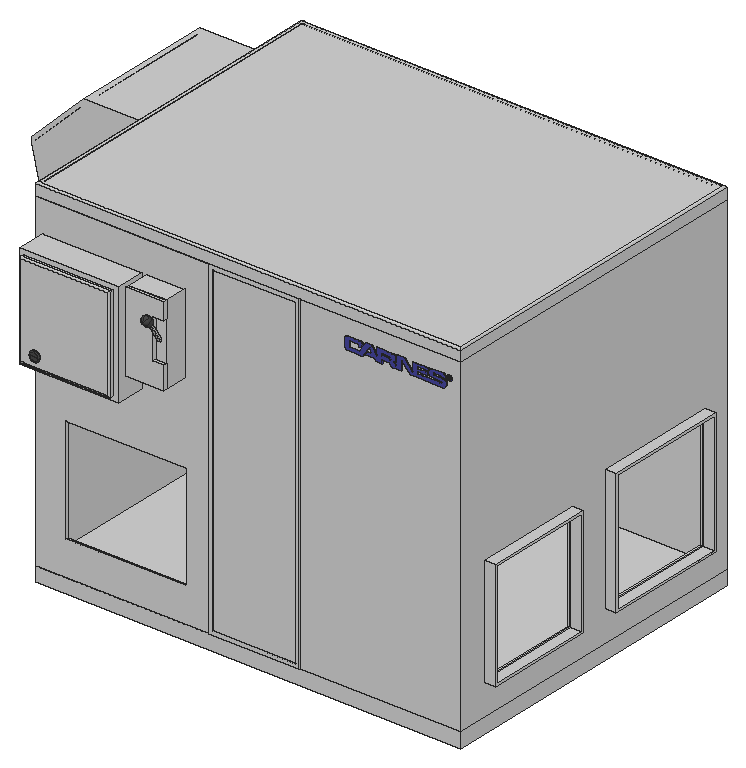
Revit family "Mini_System-Carnes-Energy_Recovery-WMA-WMWA-ARR1", category Mechanical Equipment, Revit 2012
Parameters (values of type "See Type Catalog")
  Weight = 0.00 lbf
  URL = "http://www.carnes.com"
  Supply Location From Side = 4"
  Size = 3
  Service Clearance Supply Side = 50"
  Service Clearance Exhaust Side = 50"
  Return Location From Bottom = 6 1/2"
  Product Page URL = "http://www.carnes.com/EnergyRecovery/minisystem.phtml"
  Model = "WM_A-ARR1"  # constant formula
  Manufacturer = "CARNES COMPANY"  # constant formula
  Intake Hood Width = 19 1/4"
  Intake Hood Height = 37"
  Intake Hood Depth = 18 1/2"
  Intake Hood [instance] = yes
  Handle = Plastic - Carnes - Smooth - Black
  Exhuast Hood Depth = 14 1/4"
  Exhaust Location From End = 4"
  Unit = Metal - Carnes - Aluminum Frame - Painted White
  Supply Location From Bottom = 6 1/2"
  Supply Height = 14"
  Return Location From Side = 4"
  Supply Width = 16"
  Exhaust Location From Bottom = 6 1/2"
  Intake Location From Side = 4"
  Intake Location From Bottom = 19"
  Intake Height = 21"
  Intake Width = 16"
  Return Height = 16"
  Return Width = 14"
  Exhaust Hood Width = 12 1/4"
  Exhaust Hood Height = 17"
  Exhaust Hood [instance] = no
  Eliminator = Metal - Carnes - Aluminum Frame - Painted White - Mesh
  Exhaust Height = 14"
  Duct Arrangement = 1  # constant formula
  Exhaust Width = 16"
  Height of Unit = 47 1/2"
  Width of Unit = 44"
  Length of Unit = 60"
  Description = "Energy Recovery Mini System"  # constant formula
Reference planes (in)
  plane 1 "Center (Front/Back)": y = 0
  plane 2: z = 0
  plane 3 "Center (Left/Right)": x = 0
  plane 4: x = -30
  plane 5: x = 30
  plane 6: y = 22
  plane 7: y = -22
  plane 8: z = 47.5
  plane 9: x = -24
  plane 10: x = -8
  plane 11: z = 6.5
  plane 12: z = 20.5
  plane 13: y = 18
  plane 14: y = 2
  plane 15: z = 19
  plane 16: z = 40
  plane 17: y = -18
  plane 18: y = -4
Dimensions and locks (in)
  equal spacing: plane 4, plane 3 "Center (Left/Right)", plane 5
  "Length of Unit": plane 4 to plane 5
  equal spacing: plane 6, plane 1 "Center (Front/Back)", plane 7
  "Width of Unit": plane 6 to plane 7
  "Height of Unit": plane 8 to plane 2
  "Exhaust Width": plane 10 to plane 9
  nested 1 to plane 9 = 4"
  "Exhaust Location From Bottom": plane 11 to level
  "Exhaust Height": plane 12 to plane 11
  locked: plane 6 to plane 13 at 4
  "Intake Width": plane 13 to plane 14
  "Intake Location From Bottom": plane 15 to plane 2
  "Intake Height": plane 16 to plane 15
  locked: plane 7 to plane 17 at 4
  "Return Width": plane 18 to plane 17
  locked: plane 5 to nested 2 at 10
  locked: plane 8 to nested 2 at 5
  aligned and locked: level to plane 2
  aligned and locked: plane 3 "Center (Left/Right)" to nested 1
  aligned and locked: plane 1 "Center (Front/Back)" to nested 1
  aligned and locked: nested 1 to plane 2
  aligned and locked: nested 3 to nested 2  (x2)
Nested families (in)
  nested 1: "WM-A-Standard" at (0, 0, 0), type "Parametric"
  nested 2: "Logo-Carnes" at (20, -22, 40.928311), type "Standard"
  nested 3: "Logo-Carnes" at (20, 22, 40.928311) x (-1, 0, 0) z (0, 0, 1), type "Standard"
Definition of nested family "WM-A-Standard"
  Parameters (values of type "Parametric")
    W = 4"  # constant formula
    Unit = Metal - Carnes - Aluminum Frame - Painted White
    Standard = not(Intake Hood)  # no
    S2 = 50"
    S1 = 50"
    S = 18 1/2"
    R = 4"  # constant formula
    P = 6 1/2"
    OW = 19 1/4"
    OH = 37"
    NN = 4"  # constant formula
    MM = 6 1/2"
    M = 6 1/2"
    L = 4"  # constant formula
    K = 19"
    J = 21"
    Intake Hood = yes
    Handle = Plastic - Carnes - Smooth - Black
    H = 16"
    G = 16"
    F = 14"
    EE = 14"
    E = 14"
    DD = 16"
    D = 16"
    C = 44"
    B = 47 1/2"
    A = 60"
  Reference planes (in)
    plane 1 "Center (Front/Back)": y = 0
    plane 2: z = 0
    plane 3 "Center (Left/Right)": x = 0
    plane 4: x = -30
    plane 5: x = 30
    plane 6: y = 22
    plane 7: y = -22
    plane 8: z = 47.5
    plane 9: z = 1.9184832
    plane 10: z = 45.8770807
    plane 11: z = 29.9300685
  Forms (in)
    Sweep 1, solid, material "Metal - Carnes - Aluminum Frame - Painted White" <- "Unit"
      path origin (0, 0, 0) x (1, 0, 0) y (0, 1, 0)
        loop
          line (28.4374221, -22) -> (28.4374221, 22) -> (-28, 22) -> (-28, -22) -> (28.4374221, -22)
      profile origin (28.4374221, 0, 0) x (-1, 0, 0) y (0, 0, 1)
        loop
          line (0, 45.8770807) -> (0, 1.9184832) -> (0.25, 1.9184832) -> (0.25, 45.8770807) -> (0, 45.8770807)
    Sweep 2, solid, material "Metal - Carnes - Aluminum Frame - Painted White" <- "Unit"
      path in 3D
        loop
          line (28.4374221, 22, 45.8770807) -> (-28, 22, 45.8770807) -> (-28, -22, 45.8770807) -> (28.4374221, -22, 45.8770807) -> (28.4374221, 22, 45.8770807)
      profile origin (28.4374221, 0, 45.8770807) x (-1, 0, 0) y (0, 0, 1)
        loop
          line (0.25, 0) -> (0.25, 1.1229193)
          arc (0.25, 1.1229193) -> (0.3232233, 1.299696) -> (0.5, 1.3729193) r 0.25
          line (0.5, 1.3729193) -> (1.9358962, 1.3729193) -> (1.9358962, 1.6229193) -> (0.25, 1.6229193)
          arc (0.25, 1.6229193) -> (0.0732233, 1.549696) -> (0, 1.3729193) r 0.25
          line (0, 1.3729193) -> (0, 0) -> (0.25, 0)
    Extrusion 3, solid, material "Metal - Carnes - Aluminum Frame - Painted White" <- "Unit"
      sketch origin (28.1874221, -21.75, 47.5) x (0, 1, 0) y (-1, 0, 0)
        loop
          line (41.8141038, 1.6858962) -> (41.8141038, 54.2515259) -> (1.6858962, 54.2515259) -> (1.6858962, 1.6858962) -> (41.8141038, 1.6858962)
      from -0.25 to 0
    Extrusion 4, solid, material "Metal - Carnes - Aluminum Frame - Painted White" <- "Unit"
      sketch origin (0, 0, 0) x (1, 0, 0) y (0, 0, 1)
        loop
          line (28.1874221, 2.1684832) -> (-27.75, 2.1684832) -> (-27.75, 1.9184832) -> (28.1874221, 1.9184832) -> (28.1874221, 2.1684832)
      from -21.75 to 21.75
    Extrusion 5, void
      sketch origin (0, 0, 0) x (1, 0, 0) y (0, 0, 1)
        loop
          line (-24, 20.5) -> (-24, 6.5) -> (-8, 6.5) -> (-8, 20.5) -> (-24, 20.5)
      from 21.75 to 22
    Extrusion 6, void
      sketch origin (0, 0, 0) x (0, 1, 0) y (0, 0, 1)
        loop
          line (18, 40) -> (2, 40) -> (2, 19) -> (18, 19) -> (18, 40)
      from -28 to -27.75
    Sweep 7, solid, material "Metal - Carnes - Aluminum Frame - Painted White" <- "Unit"
      path in 3D
        loop
          line (-28, 18, 40) -> (-28, 2, 40) -> (-28, 2, 19) -> (-28, 18, 19) -> (-28, 18, 40)
      profile origin (-28, 18, 29.5) x (0, 1, 0) y (-1, 0, 0)
        loop
          line (0, 0) -> (0.25, 0) -> (0.25, 2) -> (0, 2) -> (0, 0)
    Extrusion 8, void
      sketch origin (0, 0, 0) x (0, 1, 0) y (0, 0, 1)
        loop
          line (18, 22.5) -> (2, 22.5) -> (2, 6.5) -> (18, 6.5) -> (18, 22.5)
      from 28.1874221 to 28.4374221
    Extrusion 9, void
      sketch origin (0, 0, 0) x (0, 1, 0) y (0, 0, 1)
        loop
          line (-4, 20.5) -> (-18, 20.5) -> (-18, 6.5) -> (-4, 6.5) -> (-4, 20.5)
      from 28.1874221 to 28.4374221
    Sweep 10, solid, material "Metal - Carnes - Aluminum Frame - Painted White" <- "Unit"
      path in 3D
        loop
          line (28.4374221, 18, 6.5) -> (28.4374221, 2, 6.5) -> (28.4374221, 2, 22.5) -> (28.4374221, 18, 22.5) -> (28.4374221, 18, 6.5)
      profile origin (28.4374221, 18, 14.5) x (1, 0, 0) y (0, 1, 0)
        loop
          line (0, 0.25) -> (0, 0) -> (1.5625779, 0) -> (1.5625779, 0.25) -> (0, 0.25)
    Sweep 11, solid, material "Metal - Carnes - Aluminum Frame - Painted White" <- "Unit"
      path in 3D
        loop
          line (28.4374221, -18, 20.5) -> (28.4374221, -4, 20.5) -> (28.4374221, -4, 6.5) -> (28.4374221, -18, 6.5) -> (28.4374221, -18, 20.5)
      profile origin (28.4374221, -18, 13.5) x (0, -1, 0) y (1, 0, 0)
        loop
          line (0, 0) -> (0.25, 0) -> (0.25, 1.5625779) -> (0, 1.5625779) -> (0, 0)
    Extrusion 12, solid, material "Metal - Carnes - Aluminum Frame - Painted White" <- "Unit"
      sketch origin (0, 0, 0) x (1, 0, 0) y (0, 0, 1)
        loop
          line (-27.025852, 41.6474581) -> (-27.025852, 27.8974581) -> (-13.9333727, 27.8974581) -> (-13.9333727, 41.6474581) -> (-27.025852, 41.6474581)
      from 22 to 25.8488289
    Sweep 13, solid, material "Metal - Carnes - Aluminum Frame - Painted White" <- "Unit"
      path origin (0, 0, 0) x (1, 0, 0) y (0, 0, 1)
        loop
          line (-14.7428554, 40.9862483) -> (-26.4928554, 40.9862483) -> (-26.4928554, 28.4862483) -> (-14.7428554, 28.4862483) -> (-14.7428554, 40.9862483)
      profile origin (-14.7428554, 0, 34.7362483) x (0, -1, 0) y (1, 0, 0)
        loop
          line (25.8488289, 0.0758479) -> (25.8488289, -0.2536205) -> (26.4296494, -0.2536205) -> (26.4296494, -0.1069244)
          arc (26.4296494, -0.1069244) -> (26.3761166, 0.0223151) -> (26.2468771, 0.0758479) r 0.1827723
          line (26.2468771, 0.0758479) -> (25.8488289, 0.0758479)
    Extrusion 14, solid, material "Metal - Carnes - Aluminum Frame - Painted White" <- "Unit"
      sketch origin (-14.9964759, -26.4296494, 40.7326278) x (0, 0, -1) y (1, 0, 0)
        loop
          line (0, -11.242759) -> (11.992759, -11.242759) -> (11.992759, 0) -> (0, 0) -> (0, -11.242759)
      from -0.5808205 to 0
    Revolve 15, solid, material "Plastic - Carnes - Smooth - Black" <- "Handle"
      sketch origin (-24.7140505, -180, 29.9300685) x (0, -1, 0) y (1, 0, 0)
        loop
          line (-153.5717671, 0.8086061) -> (-153.5717671, 0.1427262) -> (-153.3949524, 0.1427262) -> (-153.3949524, 0.7093488)
          arc (-153.3949524, 0.7093488) -> (-153.4240242, 0.7795343) -> (-153.4942097, 0.8086061) r 0.0992572
          line (-153.4942097, 0.8086061) -> (-153.5717671, 0.8086061)
        axis (-153.3949524, 0.1427262) -> (-153.5717671, 0.1427262)
      angle from 0 to 360
    Sweep 16, solid, material "Metal - Carnes - Aluminum Frame - Painted White" <- "Unit"
      path in 3D
        loop
          line (28.4374221, 22, 1.9184832) -> (-28, 22, 1.9184832) -> (-28, -22, 1.9184832) -> (28.4374221, -22, 1.9184832) -> (28.4374221, 22, 1.9184832)
      profile origin (28.4374221, 0, 1.9184832) x (1, 0, 0) y (0, 0, -1)
        loop
          line (0, 0) -> (0, 1.9184832) -> (-0.25, 1.9184832) -> (-0.25, 0) -> (0, 0)
    Sweep 17, solid, material "Metal - Carnes - Aluminum Frame - Painted White" <- "Unit"
      path origin (0, 0, 0) x (1, 0, 0) y (0, 0, 1)
        loop
          line (-5, 45.8770807) -> (-5, 1.9184832) -> (7, 1.9184832) -> (7, 45.8770807) -> (-5, 45.8770807)
      profile origin (1, 0, 45.8770807) x (0, 0, 1) y (0, -1, 0)
        loop
          line (0, 22) -> (0, 22.0625) -> (-0.5, 22.0625) -> (-0.5, 22) -> (0, 22)
  Cuts and joins
    joined: Sweep 2, Extrusion 3
    Extrusion 5, Extrusion 6, Extrusion 8, Extrusion 9 cuts Sweep 1
    joined: Sweep 1, Extrusion 4, Sweep 17
    joined: Sweep 13, Extrusion 14
  Lines and regions (in)
    Masking region 1
      outline origin (0, 0, 0) x (1, 0, 0) y (0, 0, 1)
        loop
          line (28.4374221, 0) -> (28.4374221, 6.25) -> (30, 6.25) -> (30, 22.75) -> (28.4374221, 22.75) -> (28.4374221, 47.5) -> (-28, 47.5) -> (-28, 0) -> (28.4374221, 0)
    Masking region 2
      outline origin (0, 0, 0) x (0, 1, 0) y (0, 0, 1)
        loop
          line (22, 47.5) -> (-22, 47.5) -> (-22, 41.6474581) -> (-25.8488289, 41.6474581) -> (-25.8488289, 41.0620961) -> (-26.2468771, 41.0620961)
          arc (-26.2468771, 41.0620961) -> (-26.3761166, 41.0085634) -> (-26.4296494, 40.8793238) r 0.1827723
          line (-26.4296494, 40.8793238) -> (-26.4296494, 28.5931727)
          arc (-26.4296494, 28.5931727) -> (-26.3761166, 28.4639332) -> (-26.2468771, 28.4104004) r 0.1827723
          line (-26.2468771, 28.4104004) -> (-25.8488289, 28.4104004) -> (-25.8488289, 27.8974581) -> (-22, 27.8974581) -> (-22, 0) -> (22, 0) -> (22, 47.5)
    Masking region 3
      outline origin (0, 0, 0) x (1, 0, 0) y (0, 1, 0)
        loop
          line (30, 18.25) -> (28.4374221, 18.25) -> (28.4374221, 22) -> (-28, 22) -> (-28, -22) -> (-27.025852, -22) -> (-27.025852, -25.8488289) -> (-26.5687033, -25.8488289) -> (-26.5687033, -26.2468771)
          arc (-26.5687033, -26.2468771) -> (-26.5151705, -26.3761166) -> (-26.385931, -26.4296494) r 0.1827723
          line (-26.385931, -26.4296494) -> (-14.8497798, -26.4296494)
          arc (-14.8497798, -26.4296494) -> (-14.7205403, -26.3761166) -> (-14.6670075, -26.2468771) r 0.1827723
          line (-14.6670075, -26.2468771) -> (-14.6670075, -25.8488289) -> (-13.9333727, -25.8488289) -> (-13.9333727, -22) -> (28.4374221, -22) -> (28.4374221, -18.25) -> (30, -18.25) -> (30, -11.7978989) -> (30, -3.75) -> (28.4374221, -3.75) -> (28.4374221, 1.75) -> (30, 1.75) -> (30, 18.25)
    sketch lines
      curve 1: line (28.4374221, -22, 45.8770807) -> (28.4374221, 22, 45.8770807)
      curve 2: line (28.4374221, 22, 45.8770807) -> (-28, 22, 45.8770807)
      curve 3: line (-28, -22, 45.8770807) -> (28.4374221, -22, 45.8770807)
      curve 4: line (-28, 22, 45.8770807) -> (-28, -22, 45.8770807)
      curve 5: line (-28, 18, 19) -> (-28, 18, 40)
      curve 6: line (-28, 18, 40) -> (-28, 2, 40)
      curve 7: line (-28, 2, 40) -> (-28, 2, 19)
      curve 8: line (-28, 2, 19) -> (-28, 18, 19)
      curve 9: line (28.4374221, 18, 22.5) -> (28.4374221, 18, 6.5)
      curve 10: line (28.4374221, 2, 22.5) -> (28.4374221, 18, 22.5)
      curve 11: line (28.4374221, 2, 6.5) -> (28.4374221, 2, 22.5)
      curve 12: line (28.4374221, 18, 6.5) -> (28.4374221, 2, 6.5)
      curve 13: line (28.4374221, -18, 6.5) -> (28.4374221, -18, 20.5)
      curve 14: line (28.4374221, -18, 20.5) -> (28.4374221, -4, 20.5)
      curve 15: line (28.4374221, -4, 20.5) -> (28.4374221, -4, 6.5)
      curve 16: line (28.4374221, -4, 6.5) -> (28.4374221, -18, 6.5)
      curve 17: line (28.4374221, -22, 1.9184832) -> (28.4374221, 22, 1.9184832)
      curve 18: line (28.4374221, 22, 1.9184832) -> (-28, 22, 1.9184832)
      curve 19: line (-28, 22, 1.9184832) -> (-28, -22, 1.9184832)
      curve 20: line (-28, -22, 1.9184832) -> (28.4374221, -22, 1.9184832)
    symbolic lines, style "Ventilator"
      curve 21: line (28.4374221, 0, 45.8770807) -> (-28, 0, 45.8770807)
      curve 22: line (7, 0, 1.9184832) -> (7, 0, 45.8770807)
      curve 23: line (6.5, 0, 45.3770807) -> (6.5, 0, 2.4184832)
      curve 24: line (6.5, 0, 2.4184832) -> (-4.5, 0, 2.4184832)
      curve 25: line (-4.5, 0, 2.4184832) -> (-4.5, 0, 45.3770807)
      curve 26: line (-4.5, 0, 45.3770807) -> (6.5, 0, 45.3770807)
      curve 27: line (-5, 0, 45.8770807) -> (-5, 0, 1.9184832)
      curve 28: line (-13.9333727, 0, 27.8974581) -> (-13.9333727, 0, 41.6474581)
      curve 29: line (-13.9333727, 0, 41.6474581) -> (-27.025852, 0, 41.6474581)
      curve 30: line (-27.025852, 0, 41.6474581) -> (-27.025852, 0, 27.8974581)
      curve 31: line (-27.025852, 0, 27.8974581) -> (-13.9333727, 0, 27.8974581)
      curve 32: line (-14.6670075, 0, 28.4104004) -> (-14.6670075, 0, 41.0620961)
      curve 33: line (-14.6670075, 0, 41.0620961) -> (-26.5687033, 0, 41.0620961)
      curve 34: line (-26.5687033, 0, 41.0620961) -> (-26.5687033, 0, 28.4104004)
      curve 35: line (-26.5687033, 0, 28.4104004) -> (-14.6670075, 0, 28.4104004)
      curve 36: circle (-24.5713244, 0, 29.9300685) r 0.6658799 normal (0, 1, 0)
      curve 37: line (-8, 0, 20.5) -> (-24, 0, 20.5)
      curve 38: line (-8, 0, 6.5) -> (-8, 0, 20.5)
      curve 39: line (-24, 0, 6.5) -> (-8, 0, 6.5)
      curve 40: line (-24, 0, 20.5) -> (-24, 0, 6.5)
      curve 41: line (28.4374221, 0, 22.75) -> (28.4374221, 0, 6.25)
      curve 42: line (28.4374221, 0, 20.75) -> (30, 0, 20.75)
      curve 43: line (0, -25.8488289, 41.6474581) -> (0, -25.8488289, 27.8974581)
      curve 44: line (0, -22, 27.8974581) -> (0, -22, 41.6474581)
      curve 45: line (0, 22, 45.8770807) -> (0, -22.0625, 45.8770807)
      curve 46: line (0, 22, 1.9184832) -> (0, -22, 1.9184832)
      curve 47: line (-13.9333727, -22, 0) -> (-27.025852, -22, 0)
      curve 48: line (-27.025852, -25.8488289, 0) -> (-13.9333727, -25.8488289, 0)
      curve 49: line (28.4374221, -3.75, 0) -> (28.4374221, -18.25, 0)
      curve 50: line (28.4374221, 18.25, 0) -> (28.4374221, 1.75, 0)
      curve 51: line (28.4374221, 0, 1.9184832) -> (-28, 0, 1.9184832)
    symbolic lines, style "Ventilator", visible <- "Standard"
      curve 52: line (0, 1.75, 40.25) -> (0, 18.25, 40.25)
      curve 53: line (0, 18.25, 40.25) -> (0, 18.25, 18.75)
      curve 54: line (0, 18.25, 18.75) -> (0, 1.75, 18.75)
      curve 55: line (0, 1.75, 18.75) -> (0, 1.75, 40.25)
      curve 56: line (0, 18, 40) -> (0, 2, 40)
      curve 57: line (0, 2, 40) -> (0, 2, 19)
      curve 58: line (0, 2, 19) -> (0, 18, 19)
      curve 59: line (0, 18, 19) -> (0, 18, 40)
  Dimensions and locks (in)
    equal spacing: plane 4, plane 3 "Center (Left/Right)", plane 5
    "A": plane 4 to plane 5
    equal spacing: plane 6, plane 1 "Center (Front/Back)", plane 7
    "C": plane 6 to plane 7
    "B": plane 8 to plane 2
    locked: plane 8 to plane 10 at 1.6229193
    locked: plane 9 to plane 2 at 1.9184832
    locked: Sweep 1 sketch curve to plane 5 at 1.5625779
    locked: plane 4 to Sweep 1 sketch curve at 2
    locked: Sweep 1 sketch curve to Sweep 1 sketch curve at 0.25
    locked: plane 5 to Sweep 1 sketch curve at 1.5625779
    locked: Sweep 2 sketch curve to Sweep 2 sketch curve at 0.25  (x2)
    locked: Sweep 2 sketch curve to plane 5 at 3.4984741
    locked: Extrusion 4 sketch curve to Extrusion 4 sketch curve at 0.25
    "W": Sweep 1 to Extrusion 5 sketch curve
    "M": Extrusion 5 sketch curve to plane 2
    "E": Extrusion 5 sketch curve to Extrusion 5 sketch curve
    "D": Extrusion 5 sketch curve to Extrusion 5 sketch curve
    "L": plane 6 to Extrusion 6 sketch curve
    "H": Extrusion 6 sketch curve to Extrusion 6 sketch curve
    "K": Extrusion 6 sketch curve to plane 2
    "J": Extrusion 6 sketch curve to Extrusion 6 sketch curve
    locked: Sweep 7 sketch curve to Sweep 7 sketch curve at 0.25
    locked: Sweep 7 sketch curve to plane 6 at 3.75
    "NN": plane 6 to Extrusion 8 sketch curve
    "DD": Extrusion 8 sketch curve to Extrusion 8 sketch curve
    "P": Extrusion 8 sketch curve to plane 2
    "G": Extrusion 8 sketch curve to Extrusion 8 sketch curve
    "R": Extrusion 9 sketch curve to plane 7
    "F": Extrusion 9 sketch curve to Extrusion 9 sketch curve
    "MM": Extrusion 9 sketch curve to plane 2
    "EE": Extrusion 9 sketch curve to Extrusion 9 sketch curve
    locked: Sweep 10 sketch curve to Sweep 10 sketch curve at 0.25
    locked: Sweep 10 sketch curve to plane 6 at 3.75
    locked: Sweep 11 sketch curve to Sweep 11 sketch curve at 0.25
    locked: Sweep 11 sketch curve to plane 7 at 3.75
    plane 10 to Extrusion 12 sketch curve to Extrusion 12 sketch curve = 4.22962" locked, 13 3/4" locked
    Extrusion 12 sketch curve to Extrusion 12 sketch curve to plane 4 = 13.09248" locked, 2.97415" locked
    locked: Extrusion 12 to plane 7 at 3.8488289
    Sweep 13 sketch curve to Sweep 13 sketch curve to plane 4 = 11 3/4" locked, 3.50714" locked
    plane 10 to Sweep 13 sketch curve to Sweep 13 sketch curve = 4.89083" locked, 12 1/2" locked
    locked: Sweep 13 sketch curve to Extrusion 12 at 0.5808205
    plane 4 to Revolve 15 sketch curve to Revolve 15 sketch curve = 5.42868" locked, 0.66588" locked
    locked: plane 8 to plane 11 at 17.5699315
    Revolve 15 sketch curve to Revolve 15 sketch curve to Extrusion 12 = 0.17681" locked, 0.5794" locked
    locked: plane 8 to nested 1 at 5.8401089
    locked: nested 1 to plane 4 at 16.75
    locked: Sweep 16 sketch curve to Sweep 16 sketch curve at 0.25
    locked: plane 6 to nested 2 at 2.375
    locked: plane 8 to nested 2 at 4
    locked: Sweep 17 sketch curve to Sweep 17 sketch curve at 0.0625
    locked: Sweep 17 sketch curve to plane 10 at 0.5
    Sweep 17 sketch curve to plane 3 "Center (Left/Right)" to Sweep 17 sketch curve = 7" locked, 5" locked
    locked: Sweep 10 to curve 42 at 2
    aligned and locked: level to plane 2
    aligned and locked: plane 7 to Sweep 1 sketch curve
    aligned and locked: Sweep 1 sketch curve to plane 6
    aligned and locked: Sweep 1 sketch curve to Sweep 1 sketch curve
    aligned and locked: Sweep 1 sketch curve to plane 10
    aligned and locked: plane 9 to Sweep 1 sketch curve
    aligned and locked: Sweep 2 sketch curve to Sweep 1
    aligned and locked: Sweep 2 sketch curve to plane 10
    aligned and locked: Sweep 2 sketch curve to plane 8
    aligned and locked: Sweep 2 to Extrusion 3  (x2)
    aligned and locked: Extrusion 4 sketch curve to plane 9
    aligned and locked: Extrusion 4 sketch curve to Sweep 1  (x2)
    aligned and locked: Extrusion 4 to Sweep 1  (x2)
    aligned and locked: Sweep 1 to Extrusion 5  (x2)
    aligned and locked: cut or joined group of Sweep 1, Extrusion 4, Extrusion 5, Extrusion 6, Extrusion 8, Extrusion 9, Sweep 17 to Extrusion 6  (x2)
    aligned and locked: cut or joined group of Sweep 1, Extrusion 4, Extrusion 5, Extrusion 6, Extrusion 8, Extrusion 9, Sweep 17 to Sweep 7 sketch curve
    aligned and locked: plane 4 to Sweep 7 sketch curve
    aligned and locked: cut or joined group of Sweep 1, Extrusion 4, Extrusion 5, Extrusion 6, Extrusion 8, Extrusion 9, Sweep 17 to Extrusion 8  (x2)
    aligned and locked: cut or joined group of Sweep 1, Extrusion 4, Extrusion 5, Extrusion 6, Extrusion 8, Extrusion 9, Sweep 17 to Extrusion 9  (x2)
    aligned and locked: cut or joined group of Sweep 1, Extrusion 4, Extrusion 5, Extrusion 6, Extrusion 8, Extrusion 9, Sweep 17 to Sweep 10 sketch curve
    aligned and locked: plane 5 to Sweep 10 sketch curve
    aligned and locked: cut or joined group of Sweep 1, Extrusion 4, Extrusion 5, Extrusion 6, Extrusion 8, Extrusion 9, Sweep 17 to Sweep 11 sketch curve
    aligned and locked: plane 5 to Sweep 11 sketch curve
    aligned and locked: Extrusion 12 to plane 7
    aligned and locked: Extrusion 12 to Sweep 13 sketch curve
    aligned and locked: Extrusion 14 sketch curve to Sweep 13  (x4)
    aligned and locked: Extrusion 14 to Extrusion 12
    aligned and locked: Sweep 13 to Extrusion 14
    aligned and locked: Sweep 16 sketch curve to plane 9
    aligned and locked: Sweep 16 sketch curve to plane 2
    aligned and locked: Sweep 16 sketch curve to cut or joined group of Sweep 1, Extrusion 4, Extrusion 5, Extrusion 6, Extrusion 8, Extrusion 9, Sweep 17
    aligned and locked: plane 7 to nested 1
    aligned and locked: Sweep 17 sketch curve to plane 9
    aligned and locked: plane 10 to Sweep 17 sketch curve  (x2)
    aligned and locked: plane 7 to Sweep 17 sketch curve
    aligned and locked: Masking region 1 sketch curve to cut or joined group of Sweep 1, Extrusion 4, Extrusion 5, Extrusion 6, Extrusion 8, Extrusion 9, Sweep 17  (x2)
    aligned and locked: Masking region 1 sketch curve to Sweep 16
    aligned and locked: Masking region 1 sketch curve to plane 8
    aligned and locked: Masking region 1 sketch curve to Sweep 10
    aligned and locked: plane 5 to Masking region 1 sketch curve
    aligned and locked: Masking region 1 sketch curve to Sweep 11
    aligned and locked: curve 21 to cut or joined group of Sweep 1, Extrusion 4, Extrusion 5, Extrusion 6, Extrusion 8, Extrusion 9, Sweep 17
    aligned and locked: curve 22 to cut or joined group of Sweep 1, Extrusion 4, Extrusion 5, Extrusion 6, Extrusion 8, Extrusion 9, Sweep 17
    aligned and locked: curve 23 to cut or joined group of Sweep 1, Extrusion 4, Extrusion 5, Extrusion 6, Extrusion 8, Extrusion 9, Sweep 17
    aligned and locked: curve 24 to cut or joined group of Sweep 1, Extrusion 4, Extrusion 5, Extrusion 6, Extrusion 8, Extrusion 9, Sweep 17
    aligned and locked: curve 25 to cut or joined group of Sweep 1, Extrusion 4, Extrusion 5, Extrusion 6, Extrusion 8, Extrusion 9, Sweep 17
    aligned and locked: curve 26 to cut or joined group of Sweep 1, Extrusion 4, Extrusion 5, Extrusion 6, Extrusion 8, Extrusion 9, Sweep 17
    aligned and locked: curve 27 to cut or joined group of Sweep 1, Extrusion 4, Extrusion 5, Extrusion 6, Extrusion 8, Extrusion 9, Sweep 17
    aligned and locked: curve 28 to Extrusion 12
    aligned and locked: curve 29 to Extrusion 12
    aligned and locked: curve 30 to Extrusion 12
    aligned and locked: curve 31 to Extrusion 12
    aligned and locked: curve 32 to cut or joined group of Sweep 13, Extrusion 14
    aligned and locked: curve 33 to cut or joined group of Sweep 13, Extrusion 14
    aligned and locked: curve 34 to cut or joined group of Sweep 13, Extrusion 14
    aligned and locked: curve 35 to cut or joined group of Sweep 13, Extrusion 14
    aligned and locked: curve 36 to Revolve 15
    aligned and locked: curve 37 to cut or joined group of Sweep 1, Extrusion 4, Extrusion 5, Extrusion 6, Extrusion 8, Extrusion 9, Sweep 17
    aligned and locked: curve 38 to cut or joined group of Sweep 1, Extrusion 4, Extrusion 5, Extrusion 6, Extrusion 8, Extrusion 9, Sweep 17
    aligned and locked: curve 39 to cut or joined group of Sweep 1, Extrusion 4, Extrusion 5, Extrusion 6, Extrusion 8, Extrusion 9, Sweep 17
    aligned and locked: curve 40 to cut or joined group of Sweep 1, Extrusion 4, Extrusion 5, Extrusion 6, Extrusion 8, Extrusion 9, Sweep 17
    aligned and locked: plane 8 to Masking region 2 sketch curve
    aligned and locked: Masking region 2 sketch curve to plane 7
    aligned and locked: plane 2 to Masking region 2 sketch curve
    aligned and locked: plane 6 to Masking region 2 sketch curve
    aligned and locked: Masking region 2 sketch curve to Extrusion 12  (x3)
    aligned and locked: Masking region 2 sketch curve to cut or joined group of Sweep 13, Extrusion 14  (x3)
    aligned and locked: curve 43 to Extrusion 12
    aligned and locked: curve 44 to Extrusion 12
    aligned and locked: curve 45 to cut or joined group of Sweep 1, Extrusion 4, Extrusion 5, Extrusion 6, Extrusion 8, Extrusion 9, Sweep 17
    aligned and locked: curve 46 to Sweep 16
    aligned and locked: plane 5 to Masking region 3 sketch curve
    aligned and locked: Masking region 3 sketch curve to plane 6
    aligned and locked: Masking region 3 sketch curve to nested 2
    aligned and locked: plane 7 to Masking region 3 sketch curve
    aligned and locked: Masking region 3 sketch curve to Extrusion 12  (x3)
    aligned and locked: Masking region 3 sketch curve to cut or joined group of Sweep 13, Extrusion 14  (x3)
    aligned and locked: Masking region 3 sketch curve to Sweep 11  (x2)
    aligned and locked: Masking region 3 sketch curve to Sweep 16
    aligned and locked: Masking region 3 sketch curve to Sweep 10  (x2)
    aligned and locked: curve 47 to Extrusion 12  (x2)
    aligned and locked: curve 48 to Extrusion 12  (x2)
    aligned and locked: curve 49 to Sweep 11  (x2)
    aligned and locked: curve 50 to Sweep 10  (x2)
    aligned and locked: Extrusion 12 to curve 48
    aligned and locked: Extrusion 12 to curve 47
    aligned and locked: Sweep 11 to curve 49
    aligned and locked: curve 49 to Sweep 16
    aligned and locked: curve 50 to Sweep 16
    aligned and locked: Sweep 10 to curve 50
    aligned and locked: curve 51 to Sweep 16
    aligned and locked: curve 52 to Sweep 7
    aligned and locked: curve 53 to Sweep 7
    aligned and locked: curve 54 to Sweep 7
    aligned and locked: curve 55 to Sweep 7
    aligned and locked: curve 56 to Sweep 7
    aligned and locked: curve 57 to Sweep 7
    aligned and locked: curve 58 to Sweep 7
    aligned and locked: curve 59 to Sweep 7
  Automatic sketch dimensions
    Sweep 2 sketch curve to profile plane = 1/4"
    Sweep 2 sketch curve to Sweep 2 sketch curve = 1/4"
    Extrusion 3 sketch curve to Sweep 2 = 0"  (x4)
    Sweep 13 sketch curve to Sweep 13 sketch curve = 0.18277"
    profile plane to Sweep 13 sketch curve = 0.25362"
    profile plane to Sweep 13 sketch curve = 0.10692"
    Revolve 15 sketch curve to Revolve 15 sketch curve = 0.07756"
    Revolve 15 sketch curve to Revolve 15 sketch curve = 0.20542"
    Revolve 15 sketch curve to Revolve 15 sketch curve = 0.37646"
    Revolve 15 sketch curve to Revolve 15 sketch curve = 0"
    plane 5 to Masking region 1 sketch curve = 1.56258"
    plane 5 to curve 42 = 0"
    curve 29 to curve 33 = 0.45715"
    plane 4 to curve 21 = 2"
    curve 32 to curve 31 = 0.73363"
    plane 5 to curve 21 = 1.56258"
    plane 5 to curve 42 = 1.56258"
    curve 41 to plane 9 = 4.33152"
    curve 42 to curve 41 = 2"
    curve 28 to curve 32 = 0.51294"
    curve 33 to curve 30 = 0.58536"
    Masking region 2 sketch curve to plane 7 = 0"
    Masking region 2 sketch curve to Masking region 2 sketch curve = 0.39805"
    plane 10 to curve 45 = 0"
    curve 46 to plane 7 = 0"
    curve 44 to plane 7 = 0"
    curve 46 to plane 6 = 0"
    curve 45 to plane 6 = 0"
    plane 7 to curve 45 = 1/16"
    curve 43 to curve 44 = 3.84883"
    plane 11 to curve 44 = 2.03261"
    plane 11 to curve 43 = 2.03261"
    plane 10 to curve 44 = 4.22962"
    curve 43 to curve 44 = 0"
    Masking region 3 sketch curve to plane 5 = 0"
    plane 7 to Masking region 3 sketch curve = 0"
    plane 5 to Masking region 3 sketch curve = 1.56258"  (x2)
    Masking region 3 sketch curve to Masking region 3 sketch curve = 6.4521"
    Masking region 3 sketch curve to Masking region 3 sketch curve = 0.39805"
    plane 7 to curve 47 = 0"
    curve 47 to plane 3 "Center (Left/Right)" = 13.93337"
    curve 48 to curve 47 = 0"
    plane 4 to curve 48 = 2.97415"
    plane 4 to curve 47 = 2.97415"
    plane 7 to curve 48 = 3.84883"
    curve 49 to plane 7 = 3 3/4"
    plane 1 "Center (Front/Back)" to curve 49 = 3 3/4"
    plane 4 to curve 51 = 2"
    plane 5 to curve 51 = 1.56258"
  Nested families (in)
    nested 1: "WM-A-Standard" at (-10.75, -22, 0), type "Parametric"
    nested 2: "Eliminator" at (-28, 10, 6.5) x (-1, 0, 0) z (0, 0, 1), Width <- "OW", Depth <- "S", Height <- "OH", visible <- "Intake Hood", type "Eliminator"
      with Width 19 1/4", Offset 11 9/16", Height 37", Depth 18 1/2"
  Definition of nested family "WM-A-Standard"
    Parameters (values of type "Family2")
      Unit = Metal - Carnes - Aluminum Frame - Painted White
      Handle = Plastic - Carnes - Smooth - Black
    Reference planes (in)
      plane 1 "Center (Front/Back)": y = 0
      plane 2: z = 0
      plane 3 "Center (Left/Right)": x = 0
    Forms (in)
      Extrusion 1, solid, material "Metal - Carnes - Aluminum Frame - Painted White" <- "Unit"
        sketch origin (10.6823611, 22, 0) x (1, 0, 0) y (0, 0, 1)
          loop
            line (-13.1823611, 41.6598911) -> (-13.1823611, 31.1598911) -> (-8.1823611, 31.1598911) -> (-8.1823611, 41.6598911) -> (-13.1823611, 41.6598911)
        from 22 to 24.9697132
      Extrusion 2, solid, material "Metal - Carnes - Aluminum Frame - Painted White" <- "Unit"
        sketch origin (10.6823611, 22, 0) x (1, 0, 0) y (0, 0, 1)
          loop
            line (-8.1823611, 41.6598911) -> (-13.1823611, 41.6598911) -> (-13.1823611, 31.1598911) -> (-8.1823611, 31.1598911) -> (-8.1823611, 34.1598911) -> (-9.6823611, 34.1598911) -> (-9.6823611, 39.4098911) -> (-8.1823611, 39.4098911) -> (-8.1823611, 41.6598911)
        from 24.9697132 to 25.4598043
      Extrusion 3, solid, material "Metal - Carnes - Aluminum Frame - Painted White" <- "Unit"
        sketch origin (-0.25, 0, 0) x (0, 1, 0) y (0, 0, 1)
          loop
            line (-2.9697132, 36.9098911) -> (-4.5115506, 39.4759395) -> (-4.7716341, 39.215856) -> (-2.9697132, 36.4411411) -> (-2.9697132, 36.9098911)
        from 1.6203596 to 1.892943
      Revolve 4, solid, material "Plastic - Carnes - Smooth - Black" <- "Handle"
        sketch origin (1.53125, -1.553896, -0.5015644) x (0, 0.997564, -0.069756) y (0, 0.069756, 0.997564)
          loop
            line (-5.5821927, 39.2098706) -> (-5.5821927, 39.7759987)
            arc (-5.5821927, 39.7759987) -> (-5.6004379, 39.8768958) -> (-5.6528626, 39.9650138) r 0.2881069
            line (-5.6528626, 39.9650138) -> (-6.0611253, 40.4346663)
            arc (-6.0611253, 40.4346663) -> (-6.2384255, 40.5527666) -> (-6.4511659, 40.5639277) r 0.4028363
            arc (-6.4511659, 40.5639277) -> (-6.6281258, 40.5075118) -> (-6.7915235, 40.4192014) r 0.9953643
            line (-6.7915235, 40.4192014) -> (-5.5821927, 39.2098706)
          axis (-6.7915235, 40.4192014) -> (-5.5821927, 39.2098706)
        angle from 0 to 360
    Lines and regions (in)
      Masking region 1
        outline origin (0, 0, 0) x (1, 0, 0) y (0, 1, 0)
          loop
            line (-2.5, 0) -> (-2.5, -3.4598043) -> (1.3703596, -3.4598043) -> (1.3703596, -4.3771237)
            arc (1.3703596, -4.3771237) -> (1.1585098, -4.5170355) -> (1.0434761, -4.7433603) r 0.4966866
            line (1.0434761, -4.7433603) -> (1.0041508, -5.1928508)
            arc (1.0041508, -5.1928508) -> (1.5423716, -5.6945259) -> (2.0565128, -5.1682005) r 0.5264697
            line (2.0565128, -5.1682005) -> (2.0146518, -4.7433603)
            arc (2.0146518, -4.7433603) -> (1.8836885, -4.5000099) -> (1.642943, -4.3643173) r 0.4966866
            line (1.642943, -4.3643173) -> (1.642943, -3.4598043) -> (2.5, -3.4598043) -> (2.5, 0) -> (-2.5, 0)
      Masking region 2
        outline origin (0, 0, 0) x (1, 0, 0) y (0, 0, 1)
          loop
            line (2.5, 31.1598911) -> (2.5, 41.6598911) -> (-2.5, 41.6598911) -> (-2.5, 31.1598911) -> (2.5, 31.1598911)
      Masking region 3
        outline origin (0, 0, 0) x (0, 1, 0) y (0, 0, 1)
          loop
            line (0, 41.6598911) -> (-3.4598043, 41.6598911) -> (-3.4598043, 37.7255397) -> (-4.3762195, 39.2507107) -> (-4.3535941, 39.5638797)
            arc (-4.3535941, 39.5638797) -> (-4.3657337, 39.6765277) -> (-4.4166716, 39.7777318) r 0.3173474
            line (-4.4166716, 39.7777318) -> (-4.7924777, 40.2764434)
            arc (-4.7924777, 40.2764434) -> (-5.4834549, 40.3142522) -> (-5.6375699, 39.6396207) r 0.5368167
            line (-5.6375699, 39.6396207) -> (-5.1375584, 39.1396092)
            arc (-5.1375584, 39.1396092) -> (-5.0201323, 39.0611476) -> (-4.8816188, 39.0335955) r 0.3619533
            line (-4.8816188, 39.0335955) -> (-4.6532728, 39.0335955) -> (-3.4598043, 37.1958153) -> (-3.4598043, 31.1598911) -> (0, 31.1598911) -> (0, 41.6598911)
      symbolic lines, style "Ventilator"
        curve 1: line (-2.5, -2.9697132, 0) -> (2.5, -2.9697132, 0)
        curve 2: line (1, -2.9697132, 0) -> (1, -3.4598043, 0)
        curve 3: line (1.3703596, -3.4598043, 0) -> (1.642943, -3.4598043, 0)
        curve 4: arc (1.3703596, -4.3771237, 0) -> (1.5054973, -4.3461574, 0) -> (1.642943, -4.3643173, 0) r 0.3908285
        curve 5: line (2.5, 0, 39.4098911) -> (2, 0, 39.4098911)
        curve 6: line (1, 0, 39.4098911) -> (1.0516907, 0, 39.4098911)
        curve 7: line (1, 0, 39.4098911) -> (1, 0, 34.1598911)
        curve 8: line (1, 0, 34.1598911) -> (2.5, 0, 34.1598911)
        curve 9: line (1.3703596, 0, 36.4411411) -> (1.642943, 0, 36.4411411)
        curve 10: line (1.642943, 0, 36.4411411) -> (1.642943, 0, 39.0563773)
        curve 11: line (1.3703596, 0, 39.0553693) -> (1.3703596, 0, 36.4411411)
        curve 12: line (1.0039227, 0, 39.8593935) -> (1.0516907, 0, 39.4098911)
        curve 13: arc (1.0516907, 0, 39.4098911) -> (1.5329898, 0, 39.0278432) -> (2.0142888, 0, 39.4098911) r 0.4941912
        curve 14: arc (1.0039227, 0, 39.8593935) -> (1.5150585, 0, 40.4213227) -> (2.0605933, 0, 39.8927246) r 0.528861
        curve 15: line (2.0605933, 0, 39.8927246) -> (2.0142888, 0, 39.4098911)
        curve 16: line (0, -2.9697132, 41.6598911) -> (0, -2.9697132, 31.1598911)
        curve 17: line (0, -3.4598043, 37.7255397) -> (0, -3.4598043, 36.9755397)
        curve 18: arc (0, -4.3762195, 39.2507107) -> (0, -4.46531, 39.0790693) -> (0, -4.6532728, 39.0335955) r 0.2333089
    Dimensions and locks (in)
      locked: Extrusion 1 sketch curve to Extrusion 1 sketch curve at 10.5
      locked: Extrusion 1 sketch curve to Extrusion 1 sketch curve at 5
      aligned and locked: level to plane 2
      aligned and locked: Extrusion 2 sketch curve to Extrusion 1  (x4)
      aligned and locked: Extrusion 2 to Extrusion 1
      aligned and locked: Masking region 1 sketch curve to Extrusion 1  (x2)
      aligned and locked: Masking region 1 sketch curve to Extrusion 2
      aligned and locked: Extrusion 3 to Masking region 1 sketch curve  (x2)
      aligned and locked: Masking region 1 sketch curve to plane 1 "Center (Front/Back)"
      aligned and locked: Extrusion 2 to Masking region 1 sketch curve
      aligned and locked: Masking region 2 sketch curve to Extrusion 1
      aligned and locked: Masking region 2 sketch curve to Extrusion 2  (x3)
  Definition of nested family "Eliminator"
    Parameters (values of type "Eliminator")
      Width [instance] = 14"
      Unit = Metal - Carnes - Aluminum Frame - Painted White
      Depth [instance] = 15"
      Offset [instance] = Depth / 1.6  # 9 3/8"
      Height [instance] = 20"
      Eliminator = Metal - Carnes - Aluminum Frame - Painted White - Mesh
      Default Elevation = 0"
    Reference planes (in)
      plane 1 "Center (Front/Back)": y = 0
      plane 2: z = 0
      plane 3 "Center (Left/Right)": x = 0
      plane 4: z = 20
      plane 5: x = 15
      plane 6: x = 9.375
      plane 7: y = -7
      plane 8: y = 7
      plane 9: y = 6.5
      plane 10: y = -6.5
      plane 11: z = 10
    Forms (in)
      Sweep 1, solid, material "Metal - Carnes - Aluminum Frame - Painted White" <- "Unit", detail levels medium+fine
        path origin (0, 0, 0) x (1, 0, 0) y (0, 0, 1)
          loop
            line (0, 20) -> (9.375, 20)
        profile origin (4.6875, 0, 20) x (0, 0, 1) y (0, -1, 0)
          loop
            line (0, -7) -> (0, 7) -> (-20, 7) -> (-20, 6.5) -> (-0.5, 6.5) -> (-0.5, -6.5) -> (-20, -6.5) -> (-20, -7) -> (0, -7)
      Extrusion 2, solid, material "Metal - Carnes - Aluminum Frame - Painted White" <- "Unit", detail levels medium+fine
        sketch origin (0, 0, 0) x (1, 0, 0) y (0, 0, 1)
          loop
            line (9.375, 20) -> (9.375, 19.2928932) -> (15, 13.6678932) -> (15, 14.375) -> (9.375, 20)
        from -7 to 7
      Extrusion 3, solid, material "Metal - Carnes - Aluminum Frame - Painted White" <- "Unit", detail levels medium+fine
        sketch origin (0, 0, 0) x (1, 0, 0) y (0, 0, 1)
          loop
            line (9.375, 19.2928932) -> (9.375, 0) -> (15, 13.6678932) -> (9.375, 19.2928932)
        from 6.5 to 7
      Extrusion 4, solid, material "Metal - Carnes - Aluminum Frame - Painted White" <- "Unit", detail levels medium+fine
        sketch origin (0, 0, 0) x (1, 0, 0) y (0, 0, 1)
          loop
            line (9.375, 19.2928932) -> (9.375, 0) -> (15, 13.6678932) -> (9.375, 19.2928932)
        from -7 to -6.5
      Extrusion 5, solid, material "Metal - Carnes - Aluminum Frame - Painted White" <- "Unit", detail levels medium+fine
        sketch origin (0, 0, 0) x (1, 0, 0) y (0, 0, 1)
          loop
            line (0, 0) -> (9.375, 0) -> (9.5807742, 0.5) -> (0, 0.5) -> (0, 0)
        from -7 to 7
      Extrusion 6, solid, material "Metal - Carnes - Aluminum Frame - Painted White - Mesh" <- "Eliminator", detail levels medium+fine
        sketch origin (19.4870086, 0, 24.5706408) x (-0.380579, 0, -0.924748) y (0, 1, 0)
          loop
            line (11.7899597, 6.5) -> (11.7899597, -6.5) -> (26.0293916, -6.5) -> (26.0293916, 6.5) -> (11.7899597, 6.5)
        from 0 to -0.5
    Cuts and joins
      joined: Sweep 1, Extrusion 2, Extrusion 3, Extrusion 4, Extrusion 5
    Lines and regions (in)
      Masking region 1
        outline origin (0, 0, 0) x (1, 0, 0) y (0, 1, 0)
          loop
            line (15, 7) -> (0, 7) -> (0, -7) -> (15, -7) -> (15, 7)
      Masking region 2
        outline origin (0, 0, 0) x (1, 0, 0) y (0, 0, 1)
          loop
            line (0, 20) -> (0, 0) -> (9.375, 0) -> (15, 13.6678932) -> (15, 14.375) -> (9.375, 20) -> (0, 20)
      Masking region 3
        outline origin (0, 0, 0) x (0, 1, 0) y (0, 0, 1)
          loop
            line (7, 20) -> (-7, 20) -> (-7, 0) -> (7, 0) -> (7, 20)
      reference lines
        curve 1: line (9.375, 0, 20) -> (15, 0, 14.375)
      symbolic lines, style "Ventilator", detail levels medium+fine
        curve 2: line (9.375, 7, 0) -> (9.375, -7, 0)
        curve 3: line (9.375, 0, 20) -> (0, 0, 20)
        curve 4: line (0, 0, 0) -> (0, 0, 20)
        curve 5: line (15, 0, 14.375) -> (9.375, 0, 20)
        curve 6: line (9.375, 0, 0) -> (15, 0, 13.6678932)
        curve 7: line (0, 0, 0) -> (9.375, 0, 0)
        curve 8: line (15, 0, 13.6678932) -> (15, 0, 14.375)
        curve 9: line (0, 6.5, 19.5) -> (0, -6.5, 19.5)
        curve 10: line (0, -6.5, 0.5) -> (0, 6.5, 0.5)
      symbolic lines, style "Ventilator"
        curve 11: line (9.375, 7, 0) -> (9.375, -7, 0)
      model lines, style "Ventilator"
        curve 12: line (0, -6.5, 19.5) -> (0, 6.5, 19.5)
        curve 13: line (0, 6.5, 19.2928932) -> (0, -6.5, 19.2928932)
        curve 14: line (0, 6.5, 19.5) -> (0, 6.5, 0.5)
        curve 15: line (0, -6.5, 0.5) -> (0, -6.5, 19.5)
        curve 16: line (0, -6.5, 13.8581826) -> (0, 6.5, 13.8581826)
        curve 17: line (0, 6.5, 0.5) -> (0, -6.5, 0.5)
    Dimensions and locks (in)
      "Height": plane 4 to level
      "Offset": plane 6 to plane 3 "Center (Left/Right)"
      "Depth": plane 5 to plane 3 "Center (Left/Right)"
      "Height": curve 1 to level
      equal spacing: plane 7, plane 1 "Center (Front/Back)", plane 8
      "Width": plane 7 to plane 8
      locked: plane 7 to plane 10 at 0.5
      locked: plane 9 to plane 8 at 0.5
      equal spacing: plane 4, plane 11, level
      locked: plane 6 to curve 1 (angle 45.00°)
      locked: plane 4 to curve 5 (angle 135.00°)
      locked: curve 5 to curve 8 (angle 135.00°)
      aligned and locked: plane 2 to level
      aligned and locked: plane 6 to curve 1
      aligned and locked: plane 5 to curve 1
      aligned and locked: Sweep 1 sketch curve to plane 4
      aligned and locked: plane 3 "Center (Left/Right)" to Sweep 1 sketch curve
      aligned and locked: plane 6 to Sweep 1 sketch curve
      aligned and locked: Sweep 1 sketch curve to profile plane
      aligned and locked: Extrusion 2 sketch curve to curve 1
      aligned and locked: Extrusion 2 sketch curve to plane 6
      aligned and locked: Extrusion 2 sketch curve to plane 5
      aligned and locked: Extrusion 2 to Sweep 1  (x2)
      aligned and locked: Extrusion 3 sketch curve to plane 6
      aligned and locked: Extrusion 3 sketch curve to cut or joined group of Sweep 1, Extrusion 2, Extrusion 3, Extrusion 4, Extrusion 5
      aligned and locked: cut or joined group of Sweep 1, Extrusion 2, Extrusion 3, Extrusion 4, Extrusion 5 to Extrusion 3  (x2)
      aligned and locked: Extrusion 4 sketch curve to plane 6
      aligned and locked: Extrusion 4 sketch curve to Extrusion 3
      aligned and locked: cut or joined group of Sweep 1, Extrusion 2, Extrusion 3, Extrusion 4, Extrusion 5 to Extrusion 4
      aligned and locked: Extrusion 4 to cut or joined group of Sweep 1, Extrusion 2, Extrusion 3, Extrusion 4, Extrusion 5
      aligned and locked: Extrusion 5 sketch curve to level
      aligned and locked: Extrusion 5 sketch curve to cut or joined group of Sweep 1, Extrusion 2, Extrusion 3, Extrusion 4, Extrusion 5
      aligned and locked: Extrusion 5 sketch curve to plane 3 "Center (Left/Right)"
      aligned and locked: cut or joined group of Sweep 1, Extrusion 2, Extrusion 3, Extrusion 4, Extrusion 5 to Extrusion 5  (x2)
      aligned and locked: cut or joined group of Sweep 1, Extrusion 2, Extrusion 3, Extrusion 4, Extrusion 5 to plane 8
      aligned and locked: Extrusion 2 to plane 7
      aligned and locked: plane 10 to Extrusion 3
      aligned and locked: plane 9 to Extrusion 4
      aligned and locked: Sweep 1 to Extrusion 4
      aligned and locked: Sweep 1 sketch curve to level
      aligned and locked: level to Sweep 1 sketch curve
      aligned and locked: Extrusion 6 sketch curve to cut or joined group of Sweep 1, Extrusion 2, Extrusion 3, Extrusion 4, Extrusion 5  (x2)
      aligned and locked: cut or joined group of Sweep 1, Extrusion 2, Extrusion 3, Extrusion 4, Extrusion 5 to Extrusion 6 sketch curve  (x2)
      aligned and locked: curve 2 to cut or joined group of Sweep 1, Extrusion 2, Extrusion 3, Extrusion 4, Extrusion 5
      aligned and locked: curve 3 to cut or joined group of Sweep 1, Extrusion 2, Extrusion 3, Extrusion 4, Extrusion 5
      aligned and locked: curve 4 to cut or joined group of Sweep 1, Extrusion 2, Extrusion 3, Extrusion 4, Extrusion 5
      aligned and locked: curve 5 to cut or joined group of Sweep 1, Extrusion 2, Extrusion 3, Extrusion 4, Extrusion 5
      aligned and locked: curve 6 to cut or joined group of Sweep 1, Extrusion 2, Extrusion 3, Extrusion 4, Extrusion 5
      aligned and locked: curve 7 to plane 2
      aligned and locked: curve 8 to cut or joined group of Sweep 1, Extrusion 2, Extrusion 3, Extrusion 4, Extrusion 5
      aligned and locked: curve 9 to cut or joined group of Sweep 1, Extrusion 2, Extrusion 3, Extrusion 4, Extrusion 5
      aligned and locked: curve 10 to cut or joined group of Sweep 1, Extrusion 2, Extrusion 3, Extrusion 4, Extrusion 5
      aligned and locked: Masking region 1 sketch curve to plane 5
      aligned and locked: plane 8 to Masking region 1 sketch curve
      aligned and locked: Masking region 1 sketch curve to plane 3 "Center (Left/Right)"
      aligned and locked: Masking region 1 sketch curve to plane 7
      aligned and locked: plane 7 to curve 11
      aligned and locked: curve 11 to plane 6
      aligned and locked: Masking region 2 sketch curve to plane 4
      aligned and locked: Masking region 2 sketch curve to plane 3 "Center (Left/Right)"
      aligned and locked: Masking region 2 sketch curve to level
      aligned and locked: Masking region 2 sketch curve to cut or joined group of Sweep 1, Extrusion 2, Extrusion 3, Extrusion 4, Extrusion 5  (x3)
      aligned and locked: curve 12 to cut or joined group of Sweep 1, Extrusion 2, Extrusion 3, Extrusion 4, Extrusion 5
      aligned and locked: curve 13 to cut or joined group of Sweep 1, Extrusion 2, Extrusion 3, Extrusion 4, Extrusion 5
      aligned and locked: curve 14 to cut or joined group of Sweep 1, Extrusion 2, Extrusion 3, Extrusion 4, Extrusion 5
      aligned and locked: curve 15 to cut or joined group of Sweep 1, Extrusion 2, Extrusion 3, Extrusion 4, Extrusion 5
      aligned and locked: curve 16 to Extrusion 6
      aligned and locked: curve 17 to cut or joined group of Sweep 1, Extrusion 2, Extrusion 3, Extrusion 4, Extrusion 5
      aligned and locked: plane 4 to Masking region 3 sketch curve
      aligned and locked: plane 7 to Masking region 3 sketch curve
      aligned and locked: Masking region 3 sketch curve to plane 8
      aligned and locked: plane 2 to Masking region 3 sketch curve
    Automatic sketch dimensions
      profile plane to Sweep 1 sketch curve = 1/2"
      plane 1 "Center (Front/Back)" to Sweep 1 sketch curve = 6 1/2"
      Sweep 1 sketch curve to plane 1 "Center (Front/Back)" = 6 1/2"
      Sweep 1 sketch curve to Sweep 1 sketch curve = 1/2"  (x2)
      Extrusion 2 sketch curve to plane 4 = 0.70711"
      Extrusion 2 sketch curve to Extrusion 2 sketch curve = 0.70711"
      Extrusion 4 sketch curve to plane 5 = 0"
      Extrusion 4 sketch curve to level = 0"
      Extrusion 3 sketch curve to plane 5 = 0"
      Extrusion 3 sketch curve to level = 0"
      level to Extrusion 5 sketch curve = 1/2"
      curve 3 to plane 3 "Center (Left/Right)" = 0"
      curve 3 to plane 6 = 0"
      curve 5 to plane 5 = 0"
      plane 6 to curve 6 = 0"
      curve 6 to curve 5 = 0.70711"
      curve 2 to plane 7 = 0"
      plane 8 to curve 11 = 0"
      plane 8 to curve 2 = 0"
      plane 11 to curve 16 = 3.85818"
Definition of nested family "Logo-Carnes"
  Parameters (values of type "Standard")
    Default Elevation = 0"
    Carnes Logo = Metal - Carnes - Textured - Royal Blue Matte
    Unit = Metal - Carnes - Aluminum Frame - Painted White
  Reference planes (in)
    plane 1 "Center (Front/Back)": y = 0
    plane 2: z = 0
    plane 3 "Center (Left/Right)": x = 0
    plane 4: z = 3.1420015
    plane 5: x = -4
    plane 6: x = 4
    plane 7: z = 1.571689
    plane 8: x = -7
    plane 9: x = 7
  Forms (in)
    Extrusion 1, solid, material "Metal - Carnes - Textured - Royal Blue Matte" <- "Carnes Logo", detail levels fine
      sketch origin (0, 1, -0.1502795) x (1, 0, 0) y (0, 0, 1)
        loop
          arc (-6.6311863, 2.9642622) -> (-6.891977, 2.8562392) -> (-7, 2.5954486) r 0.3688137
          line (-7, 2.5954486) -> (-7, 1.6467579)
          arc (-7, 1.6467579) -> (-6.882076, 1.3620642) -> (-6.5973823, 1.2441402) r 0.4026177
          line (-6.5973823, 1.2441402) -> (-4.8250016, 1.2441402)
          arc (-4.8250016, 1.2441402) -> (-4.6315432, 1.2923747) -> (-4.4833744, 1.4257866) r 0.4120768
          line (-4.4833744, 1.4257866) -> (-3.7206096, 2.556632) -> (-3.3648267, 1.9403979) -> (-3.9367355, 1.9403979) -> (-4.1966951, 1.554992) -> (-3.1311314, 1.554992)
          arc (-3.1311314, 1.554992) -> (-3.0926196, 1.5446728) -> (-3.064427, 1.5164802) r 0.0770237
          line (-3.064427, 1.5164802) -> (-2.9449157, 1.3094806)
          arc (-2.9449157, 1.3094806) -> (-2.9187055, 1.2832704) -> (-2.8829018, 1.2736768) r 0.0716075
          line (-2.8829018, 1.2736768) -> (-2.039837, 1.2736768) -> (-2.039837, 1.6924695) -> (-1.0551822, 1.6924695)
          arc (-1.0551822, 1.6924695) -> (-0.9863167, 1.6680534) -> (-0.9482112, 1.6057109) r 0.1093255
          arc (-0.9482112, 1.6057109) -> (-0.8023775, 1.3671199) -> (-0.5388219, 1.2736768) r 0.4184002
          line (-0.5388219, 1.2736768) -> (0.5579549, 1.2736768) -> (0.5579549, 2.5339164) -> (1.4866725, 1.465549)
          arc (1.4866725, 1.465549) -> (1.6763553, 1.3239061) -> (1.9076976, 1.2736768) r 0.5578636
          line (1.9076976, 1.2736768) -> (6.0403472, 1.2736768)
          arc (6.0403472, 1.2736768) -> (6.3745163, 1.4120942) -> (6.5129337, 1.7462633) r 0.4725865
          line (6.5129337, 1.7462633) -> (6.5129337, 1.9865073)
          arc (6.5129337, 1.9865073) -> (6.4162074, 2.2296992) -> (6.1788749, 2.3400238) r 0.3540832
          arc (6.1788749, 2.3400238) -> (5.5134202, 2.3744972) -> (4.8476638, 2.4025478) r 69.0548135
          arc (4.8476638, 2.4025478) -> (4.7537829, 2.4964287) -> (4.8476638, 2.5903096) r 0.0938809
          line (4.8476638, 2.5903096) -> (5.7602855, 2.5772072)
          arc (5.7602855, 2.5772072) -> (5.8336875, 2.545873) -> (5.8639648, 2.4720287) r 0.1051893
          line (5.8639648, 2.4720287) -> (5.8639648, 2.4122066) -> (6.4320485, 2.4122066) -> (6.4320485, 2.6125532)
          arc (6.4320485, 2.6125532) -> (6.3290353, 2.8612491) -> (6.0803394, 2.9642622) r 0.351709
          line (6.0803394, 2.9642622) -> (4.5764626, 2.9642622)
          arc (4.5764626, 2.9642622) -> (4.2948371, 2.8476091) -> (4.178184, 2.5659837) r 0.3982786
          line (4.178184, 2.5659837) -> (4.178184, 2.3343241)
          arc (4.178184, 2.3343241) -> (4.2651926, 2.1134398) -> (4.4794695, 2.011235) r 0.3238781
          line (4.4794695, 2.011235) -> (5.8540124, 1.9151176)
          arc (5.8540124, 1.9151176) -> (5.9372889, 1.8226296) -> (5.8477636, 1.7361761) r 0.0895799
          line (5.8477636, 1.7361761) -> (2.7293535, 1.7361761) -> (2.7293535, 1.9790185) -> (4.060689, 1.9790185) -> (4.060689, 2.3699951) -> (2.7293535, 2.3699951) -> (2.7293535, 2.5537889) -> (4.0934836, 2.5537889) -> (4.0934836, 2.9642622) -> (2.0757295, 2.9642622) -> (2.0757295, 1.6880281) -> (0.966316, 2.9642622) -> (0.0029141, 2.9642622)
          arc (0.0029141, 2.9642622) -> (-0.0689314, 2.9345029) -> (-0.0986908, 2.8626574) r 0.1016049
          line (-0.0986908, 2.8626574) -> (-0.0986908, 1.692077) -> (-0.1821237, 1.692077)
          arc (-0.1821237, 1.692077) -> (-0.226266, 1.7097129) -> (-0.2461041, 1.7529103) r 0.0640618
          arc (-0.2461041, 1.7529103) -> (-0.3136163, 1.9031323) -> (-0.4650109, 1.9681943) r 0.2265828
          arc (-0.4650109, 1.9681943) -> (-0.3000433, 2.0318502) -> (-0.2310479, 2.1946569) r 0.2265828
          line (-0.2310479, 2.1946569) -> (-0.2310479, 2.5332726)
          arc (-0.2310479, 2.5332726) -> (-0.3572818, 2.8380283) -> (-0.6620375, 2.9642622) r 0.4309896
          line (-0.6620375, 2.9642622) -> (-2.712332, 2.9642622) -> (-2.712332, 1.9378565) -> (-3.3504351, 2.9204492)
          arc (-3.3504351, 2.9204492) -> (-3.3852184, 2.9526025) -> (-3.4311288, 2.9642622) r 0.0962161
          line (-3.4311288, 2.9642622) -> (-4.1183706, 2.9642622)
          arc (-4.1183706, 2.9642622) -> (-4.1539154, 2.9553999) -> (-4.181139, 2.9308877) r 0.0757123
          line (-4.181139, 2.9308877) -> (-4.9893713, 1.732634)
          arc (-4.9893713, 1.732634) -> (-5.0221335, 1.7031348) -> (-5.0649099, 1.6924695) r 0.091116
          line (-5.0649099, 1.6924695) -> (-6.3276476, 1.6924695)
          arc (-6.3276476, 1.6924695) -> (-6.3588175, 1.7053804) -> (-6.3717284, 1.7365502) r 0.0440808
          line (-6.3717284, 1.7365502) -> (-6.3717284, 2.4124291)
          arc (-6.3717284, 2.4124291) -> (-6.3481831, 2.4692726) -> (-6.2913396, 2.4928179) r 0.0803888
          line (-6.2913396, 2.4928179) -> (-5.2665892, 2.4928179)
          arc (-5.2665892, 2.4928179) -> (-5.2142785, 2.4711501) -> (-5.1926107, 2.4188394) r 0.0739785
          line (-5.1926107, 2.4188394) -> (-5.1926107, 2.1731577)
          arc (-5.1926107, 2.1731577) -> (-4.914391, 2.2266214) -> (-4.6899273, 2.3994817) r 0.6129887
          arc (-4.6899273, 2.3994817) -> (-4.6462613, 2.7668149) -> (-4.959079, 2.9642622) r 0.3465238
          line (-4.959079, 2.9642622) -> (-6.6311863, 2.9642622)
        loop
          arc (-2.0004066, 2.4996782) -> (-2.0282881, 2.4881293) -> (-2.039837, 2.4602478) r 0.0394304
          line (-2.039837, 2.4602478) -> (-2.039837, 2.1906147)
          arc (-2.039837, 2.1906147) -> (-2.028929, 2.1642806) -> (-2.0025948, 2.1533726) r 0.0372422
          line (-2.0025948, 2.1533726) -> (-0.8822552, 2.1533726)
          arc (-0.8822552, 2.1533726) -> (-0.855344, 2.1645196) -> (-0.844197, 2.1914308) r 0.0380582
          line (-0.844197, 2.1914308) -> (-0.844197, 2.4620102)
          arc (-0.844197, 2.4620102) -> (-0.8552297, 2.4886455) -> (-0.881865, 2.4996782) r 0.037668
          line (-0.881865, 2.4996782) -> (-2.0004066, 2.4996782)
        loop
          spline (6.506126, 2.6885231) -> (6.5183043, 2.6131848) -> (6.5540095, 2.5429807) -> (6.6108082, 2.482695) -> (6.6848297, 2.4364362) -> (6.7710296, 2.4073567) -> (6.8635334, 2.3974383) -> (6.9560373, 2.4073567) -> (7.0422371, 2.4364362) -> (7.1162586, 2.482695) -> (7.1730573, 2.5429807) -> (7.2087625, 2.6131848) -> (7.2209409, 2.6885231)
          spline (7.2209409, 2.6885231) -> (7.2087625, 2.7638614) -> (7.1730573, 2.8340656) -> (7.1162586, 2.8943512) -> (7.0422371, 2.94061) -> (6.9560373, 2.9696895) -> (6.8635334, 2.979608) -> (6.7710296, 2.9696895) -> (6.6848297, 2.94061) -> (6.6108082, 2.8943512) -> (6.5540095, 2.8340656) -> (6.5183043, 2.7638614) -> (6.506126, 2.6885231)
        loop
          spline (6.6197806, 2.6885231) -> (6.6284688, 2.629628) -> (6.6539412, 2.5747464) -> (6.6944621, 2.5276185) -> (6.7472699, 2.491456) -> (6.8087659, 2.4687234) -> (6.8747592, 2.4609697) -> (6.9407525, 2.4687234) -> (7.0022485, 2.491456) -> (7.0550563, 2.5276185) -> (7.0955771, 2.5747464) -> (7.1210496, 2.629628) -> (7.1297378, 2.6885231)
          spline (7.1297378, 2.6885231) -> (7.1210496, 2.7474183) -> (7.0955771, 2.8022999) -> (7.0550563, 2.8494277) -> (7.0022485, 2.8855902) -> (6.9407525, 2.9083229) -> (6.8747592, 2.9160766) -> (6.8087659, 2.9083229) -> (6.7472699, 2.8855902) -> (6.6944621, 2.8494277) -> (6.6539412, 2.8022999) -> (6.6284688, 2.7474183) -> (6.6197806, 2.6885231)
        loop
          line (6.7402554, 2.5136566) -> (6.8032376, 2.5136566) -> (6.8032376, 2.6576007) -> (6.8766655, 2.6576007) -> (6.9290569, 2.5136566) -> (7.0161155, 2.5136566) -> (6.9395791, 2.6576007)
          arc (6.9395791, 2.6576007) -> (7.0029295, 2.7354101) -> (6.981762, 2.8334892) r 0.115833
          arc (6.981762, 2.8334892) -> (6.951183, 2.8583552) -> (6.912786, 2.8672474) r 0.0873464
          line (6.912786, 2.8672474) -> (6.8082107, 2.8672474)
          arc (6.8082107, 2.8672474) -> (6.760159, 2.8473437) -> (6.7402554, 2.7992921) r 0.0679553
          line (6.7402554, 2.7992921) -> (6.7402554, 2.5136566)
        loop
          line (6.7934423, 2.7992921) -> (6.7934423, 2.7360982) -> (6.9322407, 2.7360982) -> (6.9322407, 2.7992921) -> (6.7934423, 2.7992921)
      from 1 to 1.0077857
  Dimensions and locks (in)
    plane 4 to level = 3.142"  (x2)
    plane 6 to plane 5 = 8"
    aligned and locked: level to plane 2
Types in the file's own list only (12): name | Weight | Size | Service Clearance Supply Side | Service Clearance Exhaust Side | Return Location From Bottom | Intake Hood Width | Intake Hood Height | Intake Hood Depth | Supply Location From Bottom | Supply Height | Supply Width | Exhaust Location From Bottom | Intake Location From Bottom | Intake Height | Intake Width | Return Height | Return Width | Exhaust Height | Exhaust Width | Height of Unit | Width of Unit | Length of Unit
  Size 3, Standard | 0.00 lb | 3 | 50" | 50" | 6 1/2" | 19 1/4" | 37" | 18 1/2" | 6 1/2" | 14" | 16" | 6 1/2" | 19" | 21" | 16" | 16" | 14" | 14" | 16" | 47 1/2" | 44" | 60"
  Size 3, Water Coils | 0.00 lb | 3 | 50" | 50" | 6 1/2" | 19 1/4" | 37" | 18 1/2" | 6 1/2" | 14" | 16" | 6 1/2" | 19" | 21" | 16" | 16" | 14" | 14" | 16" | 47 1/2" | 44" | 108"
  Size 3, Rain Hood | 0.00 lb | 3 | 50" | 50" | 6 1/2" | 19 1/4" | 37" | 18 1/2" | 6 1/2" | 14" | 16" | 6 1/2" | 11" | 21" | 16" | 16" | 14" | 14" | 16" | 47 1/2" | 44" | 60"
  Size 3, Rain Hood w/ Water Coils | 0.00 lb | 3 | 50" | 50" | 6 1/2" | 19 1/4" | 37" | 18 1/2" | 6 1/2" | 14" | 16" | 6 1/2" | 11" | 21" | 16" | 16" | 14" | 14" | 16" | 47 1/2" | 44" | 108"
  Size 6, Standard | 0.00 lb | 6 | 60" | 60" | 6 1/2" | 24 1/4" | 52 1/2" | 26 1/4" | 6 1/2" | 18" | 20" | 6 1/2" | 24" | 26" | 22" | 20" | 18" | 18" | 20" | 57 1/2" | 54" | 72"
  Size 6, Water Coils | 0.00 lb | 6 | 60" | 60" | 6 1/2" | 24 1/4" | 52 1/2" | 26 1/4" | 6 1/2" | 18" | 20" | 6 1/2" | 24" | 26" | 22" | 20" | 18" | 18" | 20" | 57 1/2" | 54" | 120"
  Size 6, Rain Hood | 0.00 lb | 6 | 60" | 60" | 6 1/2" | 24 1/4" | 52 1/2" | 26 1/4" | 6 1/2" | 18" | 20" | 6 1/2" | 11" | 26" | 22" | 20" | 18" | 18" | 20" | 57 1/2" | 54" | 72"
